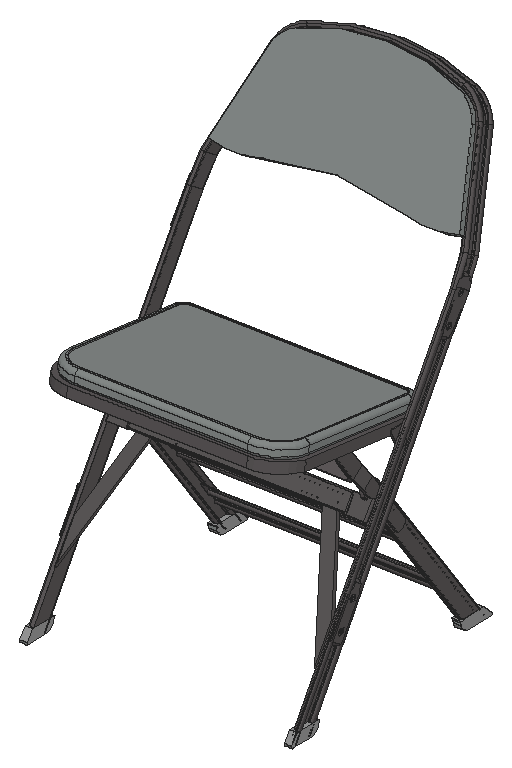
Revit family "FU_Chair_Sandler_2444USB", category Furniture, Revit 2022 (continued)
Definition of nested family "BackLegs"
  Forms (mm)
    Sweep 14, solid, material <- "Frame"
      profile "Pro_4400_backSupp : Pro_4400_backSupp" origin (0, 172.425, 77.81) x (0, 0.597272, -0.802038) y (0, -0.802038, -0.597272)
        loop
          line (3.613, -6.286) -> (14.748, -6.286)
          arc (14.748, -6.286) -> (15.253, -6.149) -> (15.622, -5.777) r 1.006
          arc (15.622, -5.777) -> (16.563, -3.385) -> (16.793, -0.825) r 9.045
          arc (16.793, -0.825) -> (13.463, 3.302) -> (8.774, 0.824) r 4.17
          line (8.774, 0.824) -> (8.115, -0.825)
          arc (8.115, -0.825) -> (7.744, -2.479) -> (7.912, -4.167) r 5.322
          arc (7.912, -4.167) -> (7.827, -4.588) -> (7.442, -4.778) r 0.487
          line (7.442, -4.778) -> (2.842, -4.778) -> (2.842, -6.286)
          arc (2.842, -6.286) -> (-0.599, -9.175) -> (-4.039, -6.286) r 3.493
          line (-4.039, -6.286) -> (-4.039, -4.778)
    Extrusion 15, solid, material <- "Frame"
      sketch origin (0, 314.365, -112.791) x (0, 0.802038, 0.597272) y (0, -0.597272, 0.802038)
        loop
          line (4.778, 254.955) -> (4.778, 221.535)
          arc (4.778, 221.535) -> (5.285, 221.764) -> (5.777, 222.024) r 9.045
          arc (5.777, 222.024) -> (6.149, 222.393) -> (6.286, 222.899) r 1.006
          line (6.286, 222.899) -> (6.286, 253.591)
          arc (6.286, 253.591) -> (6.149, 254.097) -> (5.777, 254.466) r 1.006
          arc (5.777, 254.466) -> (5.285, 254.726) -> (4.778, 254.955) r 9.045
      from 201.923 to 225.192
    Extrusion 16, solid, material <- "Frame"
      sketch origin (0, 228.759, 2.163) x (0, 0.802038, 0.597272) y (0, -0.597272, 0.802038)
        loop
          line (4.778, 111.628) -> (4.778, 78.207)
          arc (4.778, 78.207) -> (5.285, 78.437) -> (5.777, 78.697) r 9.045
          arc (5.777, 78.697) -> (6.149, 79.065) -> (6.286, 79.571) r 1.006
          line (6.286, 79.571) -> (6.286, 110.264)
          arc (6.286, 110.264) -> (6.149, 110.769) -> (5.777, 111.138) r 1.006
          arc (5.777, 111.138) -> (5.285, 111.398) -> (4.778, 111.628) r 9.045
      from -201.9 to -225.2
    Extrusion 17, void
      sketch origin (0, 228.759, 2.163) x (0, 0.802038, 0.597272) y (0, -0.597272, 0.802038)
        loop
          line (17.892, 394.282) -> (32.392, 394.282) -> (32.392, 424.282) -> (-32.608, 424.282) -> (-32.608, 394.282) -> (-18.108, 394.282)
          arc (-18.108, 394.282) -> (-0.108, 412.282) -> (17.892, 394.282) r 18
      from -214 to -231.9
  Cuts and joins
    Extrusion 1, Extrusion 5 cuts Sweep 4
    Extrusion 2, Extrusion 17 cuts Sweep 3
    Extrusion 7 cuts Extrusion 6
    Extrusion 9 cuts Extrusion 8
  Dimensions and locks
    equal spacing: plane 4 "Right", plane 3 "Center (Left/Right)", plane 5 "Left"
    "Width": plane 4 "Right" to plane 5 "Left"
    equal spacing: plane 6 "Back", plane 1 "Center (Front/Back)", plane 7 "Front"
    "Depth": plane 6 "Back" to plane 7 "Front"
    "Height": plane 8 "Height" to level
    plane 9 "Seat height" to level = 364 mm
    aligned and locked: level to plane 2
  Automatic sketch dimensions
    Extrusion 1 sketch curve to level = 0 mm
    Extrusion 1 sketch curve to level = 41.258 mm
    Extrusion 1 sketch curve to plane 6 "Back" = 96.543 mm
    Extrusion 2 sketch curve to level = 0 mm
    Extrusion 2 sketch curve to level = 41.258 mm
    Extrusion 2 sketch curve to plane 6 "Back" = 96.543 mm
    Extrusion 1 sketch curve to plane 6 "Back" = 19.909 mm
    Extrusion 2 sketch curve to plane 6 "Back" = 19.909 mm
    Sweep 3 sketch curve to plane 4 "Right" = 22.676 mm
    Sweep 3 sketch curve to Sweep 3 sketch curve = 438.421 mm
    plane 5 "Left" to Sweep 4 sketch curve = 22.676 mm
    Sweep 4 sketch curve to Sweep 4 sketch curve = 440 mm
    plane 10 to Extrusion 5 sketch curve = 32.053 mm
    Extrusion 5 sketch curve to plane 9 "Seat height" = 41.023 mm
    Extrusion 5 sketch curve to Extrusion 5 sketch curve = 14.5 mm  (x2)
    Extrusion 5 sketch curve to Extrusion 5 sketch curve = 18 mm
    Extrusion 5 sketch curve to Extrusion 5 sketch curve = 30 mm
    plane 5 "Left" to Extrusion 6 sketch curve = 28.865 mm
    Extrusion 6 sketch curve to Extrusion 6 sketch curve = 3.522 mm
    plane 5 "Left" to Extrusion 6 sketch curve = 22.682 mm
    Extrusion 6 sketch curve to Extrusion 6 sketch curve = 3.476 mm
    Extrusion 6 sketch curve to Extrusion 6 sketch curve = 135.625 mm
    Extrusion 6 sketch curve to Extrusion 6 sketch curve = 0 mm
    Extrusion 6 sketch curve to Extrusion 6 sketch curve = 30.939 mm
    Extrusion 6 sketch curve to Extrusion 6 sketch curve = 0.233 mm
    Extrusion 6 sketch curve to Extrusion 6 sketch curve = 65.896 mm
    Extrusion 7 sketch curve to plane 9 "Seat height" = 50.304 mm
    plane 10 to Extrusion 7 sketch curve = 63.615 mm
    Extrusion 7 sketch curve to Extrusion 7 sketch curve = 44.151 mm
    Extrusion 7 sketch curve to Extrusion 7 sketch curve = 7.101 mm
    Extrusion 7 sketch curve to Extrusion 7 sketch curve = 7.278 mm
    Extrusion 7 sketch curve to Extrusion 7 sketch curve = 12.5 mm
    Extrusion 7 sketch curve to Extrusion 7 sketch curve = 17.722 mm
    Extrusion 7 sketch curve to Extrusion 7 sketch curve = 7.899 mm
    Extrusion 7 sketch curve to Extrusion 7 sketch curve = 134.69 mm
    Extrusion 7 sketch curve to Extrusion 7 sketch curve = 6.298 mm
    Extrusion 7 sketch curve to Extrusion 7 sketch curve = 14.136 mm
    Extrusion 7 sketch curve to Extrusion 7 sketch curve = 57.783 mm
    Extrusion 7 sketch curve to Extrusion 7 sketch curve = 11.229 mm
    Extrusion 7 sketch curve to Extrusion 7 sketch curve = 8.624 mm
    Extrusion 8 sketch curve to plane 4 "Right" = 28.865 mm
    Extrusion 8 sketch curve to Extrusion 8 sketch curve = 3.522 mm
    Extrusion 8 sketch curve to plane 4 "Right" = 22.682 mm
    Extrusion 8 sketch curve to Extrusion 8 sketch curve = 3.476 mm
    Extrusion 8 sketch curve to Extrusion 8 sketch curve = 65.896 mm
    Extrusion 8 sketch curve to Extrusion 8 sketch curve = 0.233 mm
    Extrusion 8 sketch curve to Extrusion 8 sketch curve = 30.939 mm
    Extrusion 8 sketch curve to Extrusion 8 sketch curve = 0 mm
    Extrusion 8 sketch curve to Extrusion 8 sketch curve = 135.625 mm
    Extrusion 9 sketch curve to plane 9 "Seat height" = 50.304 mm
    plane 10 to Extrusion 9 sketch curve = 63.615 mm
    Extrusion 9 sketch curve to Extrusion 9 sketch curve = 44.151 mm
    Extrusion 9 sketch curve to Extrusion 9 sketch curve = 7.101 mm
    Extrusion 9 sketch curve to Extrusion 9 sketch curve = 7.278 mm
    Extrusion 9 sketch curve to Extrusion 9 sketch curve = 12.5 mm
    Extrusion 9 sketch curve to Extrusion 9 sketch curve = 17.722 mm
    Extrusion 9 sketch curve to Extrusion 9 sketch curve = 7.899 mm
    Extrusion 9 sketch curve to Extrusion 9 sketch curve = 134.69 mm
    Extrusion 9 sketch curve to Extrusion 9 sketch curve = 6.298 mm
    Extrusion 9 sketch curve to Extrusion 9 sketch curve = 14.136 mm
    Extrusion 9 sketch curve to Extrusion 9 sketch curve = 57.783 mm
    Extrusion 9 sketch curve to Extrusion 9 sketch curve = 11.229 mm
    Extrusion 9 sketch curve to Extrusion 9 sketch curve = 8.624 mm
    Extrusion 10 sketch curve to Extrusion 10 sketch curve = 0 mm  (x4)
    Extrusion 10 sketch curve to plane 4 "Right" = 28.865 mm
    Extrusion 10 sketch curve to Extrusion 10 sketch curve = 3.5 mm
    Extrusion 10 sketch curve to Extrusion 10 sketch curve = 10 mm  (x2)
    plane 5 "Left" to Extrusion 10 sketch curve = 42.365 mm
    Extrusion 10 sketch curve to Extrusion 10 sketch curve = 45.793 mm  (x2)
    Sweep 11 sketch curve to plane 4 "Right" = 42.5 mm
    plane 5 "Left" to Sweep 11 sketch curve = 42.5 mm
    Extrusion 12 sketch curve to plane 10 = 1.161 mm
    Extrusion 12 sketch curve to plane 1 "Center (Front/Back)" = 82.515 mm
    Extrusion 12 sketch curve to Extrusion 12 sketch curve = 0 mm
    Extrusion 12 sketch curve to Extrusion 12 sketch curve = 3.474 mm
    Extrusion 12 sketch curve to Extrusion 12 sketch curve = 0.501 mm  (x2)
    Extrusion 12 sketch curve to Extrusion 12 sketch curve = 1.006 mm
    Extrusion 12 sketch curve to Extrusion 12 sketch curve = 16.718 mm
    Extrusion 12 sketch curve to Extrusion 12 sketch curve = 6.987 mm  (x2)
    Extrusion 12 sketch curve to Extrusion 12 sketch curve = 0.49 mm  (x2)
    Extrusion 13 sketch curve to plane 10 = 1.161 mm
    Extrusion 13 sketch curve to plane 1 "Center (Front/Back)" = 82.515 mm
    Extrusion 13 sketch curve to Extrusion 13 sketch curve = 0 mm
    Extrusion 13 sketch curve to Extrusion 13 sketch curve = 3.474 mm
    Extrusion 13 sketch curve to Extrusion 13 sketch curve = 0.501 mm  (x2)
    Extrusion 13 sketch curve to Extrusion 13 sketch curve = 1.006 mm
    Extrusion 13 sketch curve to Extrusion 13 sketch curve = 16.718 mm
    Extrusion 13 sketch curve to Extrusion 13 sketch curve = 6.987 mm  (x2)
    Extrusion 13 sketch curve to Extrusion 13 sketch curve = 0.49 mm  (x2)
    Sweep 14 sketch curve to plane 4 "Right" = 42.5 mm
    plane 5 "Left" to Sweep 14 sketch curve = 42.5 mm
    Extrusion 15 sketch curve to plane 10 = 0.598 mm
    level to Extrusion 15 sketch curve = 85.773 mm
    Extrusion 15 sketch curve to Extrusion 15 sketch curve = 0 mm
    Extrusion 15 sketch curve to Extrusion 15 sketch curve = 3.474 mm
    Extrusion 15 sketch curve to Extrusion 15 sketch curve = 0.501 mm  (x2)
    Extrusion 15 sketch curve to Extrusion 15 sketch curve = 1.006 mm
    Extrusion 15 sketch curve to Extrusion 15 sketch curve = 16.718 mm
    Extrusion 15 sketch curve to Extrusion 15 sketch curve = 6.987 mm  (x2)
    Extrusion 15 sketch curve to Extrusion 15 sketch curve = 0.49 mm  (x2)
    Extrusion 16 sketch curve to plane 10 = 0.598 mm
    level to Extrusion 16 sketch curve = 85.773 mm
    Extrusion 16 sketch curve to Extrusion 16 sketch curve = 0 mm
    Extrusion 16 sketch curve to Extrusion 16 sketch curve = 3.474 mm
    Extrusion 16 sketch curve to Extrusion 16 sketch curve = 0.501 mm  (x2)
    Extrusion 16 sketch curve to Extrusion 16 sketch curve = 1.006 mm
    Extrusion 16 sketch curve to Extrusion 16 sketch curve = 16.718 mm
    Extrusion 16 sketch curve to Extrusion 16 sketch curve = 6.987 mm  (x2)
    Extrusion 16 sketch curve to Extrusion 16 sketch curve = 0.49 mm  (x2)
    plane 10 to Extrusion 17 sketch curve = 32.053 mm
    Extrusion 17 sketch curve to plane 9 "Seat height" = 41.023 mm
    Extrusion 17 sketch curve to Extrusion 17 sketch curve = 14.5 mm  (x2)
    Extrusion 17 sketch curve to Extrusion 17 sketch curve = 18 mm
    Extrusion 17 sketch curve to Extrusion 17 sketch curve = 30 mm
Definition of nested family "Seat"
  Parameters (values of type "Seat")
    Width = 500 mm
    Upholstery [instance] = none
    Height = 860 mm
    Frame [instance] = none
    Depth = 580 mm
    Default Elevation = 0 mm
  Reference planes
    plane 1 "Center (Front/Back)": y = 0
    plane 2: z = 0
    plane 3 "Center (Left/Right)": x = 0
    plane 4 "Right": x = -250
    plane 5 "Left": x = 250
    plane 6 "Back": y = 290
    plane 7 "Front": y = -290
    plane 8 "Height": z = 860
    plane 9 "Seat height": z = 490
    plane 10 "LFC 2 FRONT": x = 235.662
    plane 11 "LFC 1 FRONT": x = 230.744
    plane 12 "LB": y = -20.622
    plane 13 "RFC 2 FRONT": x = -230.139
    plane 14 "RFC 1 FRONT": x = -223.286
  Forms (mm)
    Extrusion 1, solid, material <- "Frame"
      sketch origin (230.744, -10.949, 12.012) x (0, 0, -1) y (0, -1, 0)
        loop
          line (-373.954, 25.051) -> (-373.954, -5.005)
          arc (-373.954, -5.005) -> (-372.054, -8.409) -> (-368.16, -8.58) r 4
          line (-368.16, -8.58) -> (-342.125, 4.478)
          arc (-342.125, 4.478) -> (-338.815, 9.808) -> (-342.066, 15.174) r 6
          line (-342.066, 15.174) -> (-368.121, 28.606)
          arc (-368.121, 28.606) -> (-372.035, 28.466) -> (-373.954, 25.051) r 4
      from 0 to -3.5
    Revolve 2, solid, material <- "Frame"
      sketch origin (0, -20.622, 12.02) x (0, 0, -1) y (1, 0, 0)
        loop
          line (-352.166, 227.843) -> (-348.693, 227.843) -> (-348.693, 240.855) -> (-354.537, 240.855) -> (-354.537, 238.723) -> (-352.166, 238.723) -> (-352.166, 227.843)
        axis (-348.693, 227.843) -> (-348.693, 240.855)
      angle from 0 to 360
    Extrusion 3, solid, material <- "Frame"
      sketch origin (-230.744, -10.949, 12.012) x (0, 0, -1) y (0, 1, 0)
        loop
          arc (-373.954, -25.051) -> (-372.035, -28.466) -> (-368.121, -28.606) r 4
          line (-368.121, -28.606) -> (-342.066, -15.174)
          arc (-342.066, -15.174) -> (-338.815, -9.808) -> (-342.125, -4.478) r 6
          line (-342.125, -4.478) -> (-368.16, 8.58)
          arc (-368.16, 8.58) -> (-372.054, 8.409) -> (-373.954, 5.005) r 4
          line (-373.954, 5.005) -> (-373.954, -25.051)
      from 7.458 to 4
    Revolve 4, solid, material <- "Frame"
      sketch origin (6.276, -20.622, 12.02) x (0, 0, -1) y (-1, 0, 0)
        loop
          line (-352.166, 227.843) -> (-348.693, 227.843) -> (-348.693, 240.855) -> (-354.537, 240.855) -> (-354.537, 238.723) -> (-352.166, 238.723) -> (-352.166, 227.843)
        axis (-348.693, 227.843) -> (-348.693, 240.855)
      angle from 0 to 360
    Extrusion 5, solid, material <- "Frame"
      sketch origin (1.39, 0.451, 370.847) x (0, -0.990975, 0.134049) y (1, 0, 0)
        loop
          arc (-50, -186.318) -> (-38.87, -213.188) -> (-12, -224.318) r 38
          line (-12, -224.318) -> (235, -224.318)
          arc (235, -224.318) -> (274.332, -202.907) -> (290, -160.954) r 64
          line (290, -160.954) -> (290, 166.274)
          arc (290, 166.274) -> (274.928, 207.53) -> (236.81, 229.354) r 64
          line (236.81, 229.354) -> (-12, 229.354)
          arc (-12, 229.354) -> (-38.87, 218.224) -> (-50, 191.354) r 38
          line (-50, 191.354) -> (-50, -186.318)
        loop
          arc (-41, -185.768) -> (-32.213, -206.981) -> (-11, -215.768) r 30
          line (-11, -215.768) -> (222.643, -215.768)
          arc (222.643, -215.768) -> (263.655, -198.78) -> (280.643, -157.768) r 58
          line (280.643, -157.768) -> (280.643, 161.892)
          arc (280.643, 161.892) -> (263.655, 202.904) -> (222.643, 219.892) r 58
          line (222.643, 219.892) -> (-11, 219.892)
          arc (-11, 219.892) -> (-32.213, 211.105) -> (-41, 189.892) r 30
          line (-41, 189.892) -> (-41, -185.768)
      from 0 to 18.801
    Extrusion 6, solid, material <- "Upholstery"
      sketch origin (-1.332, 17.322, 495.567) x (-1, 0, 0) y (0, -0.990975, 0.134049)
        loop
          arc (188.386, -29.357) -> (198.286, -25.256) -> (202.386, -15.357) r 14
          line (202.386, -15.357) -> (202.386, 220.643)
          arc (202.386, 220.643) -> (187.742, 255.998) -> (152.386, 270.643) r 50
          line (152.386, 270.643) -> (-162.614, 270.643)
          arc (-162.614, 270.643) -> (-197.969, 255.998) -> (-212.614, 220.643) r 50
          line (-212.614, 220.643) -> (-212.614, -15.357)
          arc (-212.614, -15.357) -> (-208.513, -25.256) -> (-198.614, -29.357) r 14
          line (-198.614, -29.357) -> (188.386, -29.357)
      from -108 to -84
    Sweep 7, solid, material <- "Upholstery"
      path in 3D
        loop
          arc (161.282, -262.138, 448.604) -> (196.637, -247.626, 446.641) -> (211.282, -212.59, 441.902) r 50
          line (211.282, -212.59, 441.902) -> (211.282, 21.28, 410.266)
          arc (211.282, 21.28, 410.266) -> (207.181, 31.09, 408.939) -> (197.282, 35.154, 408.389) r 14
          line (197.282, 35.154, 408.389) -> (-189.718, 35.154, 408.389)
          arc (-189.718, 35.154, 408.389) -> (-199.618, 31.09, 408.939) -> (-203.718, 21.28, 410.266) r 14
          line (-203.718, 21.28, 410.266) -> (-203.718, -212.59, 441.902)
          arc (-203.718, -212.59, 441.902) -> (-189.074, -247.626, 446.641) -> (-153.718, -262.138, 448.604) r 50
          line (-153.718, -262.138, 448.604) -> (161.282, -262.138, 448.604)
      profile origin (3.782, -262.138, 448.604) x (0, 0.990975, -0.134049) y (0, 0.134049, 0.990975)
        loop
          line (0, 0) -> (-3.011, 0)
          arc (-3.011, 0) -> (-9.367, -2.633) -> (-12, -8.989) r 8.989
          line (-12, -8.989) -> (-12, -20)
          arc (-12, -20) -> (-10.828, -22.828) -> (-8, -24) r 4
          line (-8, -24) -> (0, -24) -> (0, 0)
    Extrusion 8, solid, material <- "Frame"
      sketch origin (235.662, -23.548, 12.142) x (0, -0.034899, -0.999391) y (0, -0.999391, 0.034899)
        loop
          arc (-357.728, 14.188) -> (-360.96, 2.564) -> (-349.337, -0.667) r 8.531
          line (-349.337, -0.667) -> (-276.903, 40.251)
          arc (-276.903, 40.251) -> (-273.671, 51.875) -> (-285.295, 55.106) r 8.531
          line (-285.295, 55.106) -> (-357.728, 14.188)
      from 0 to -3.5
    Extrusion 9, solid, material <- "Frame"
      sketch origin (-235.662, -23.548, 12.142) x (0, -0.034899, -0.999391) y (0, 0.999391, -0.034899)
        loop
          line (-357.728, -14.188) -> (-285.295, -55.106)
          arc (-285.295, -55.106) -> (-273.671, -51.875) -> (-276.903, -40.251) r 8.531
          line (-276.903, -40.251) -> (-349.337, 0.667)
          arc (-349.337, 0.667) -> (-360.96, -2.564) -> (-357.728, -14.188) r 8.531
      from 5.523 to 2
  Lines and regions (mm)
    sketch lines
      curve 1: line (-153.718, -262.138, 448.604) -> (161.282, -262.138, 448.604)
      curve 2: arc (211.282, -212.59, 441.902) -> (196.637, -247.626, 446.641) -> (161.282, -262.138, 448.604) r 50
      curve 3: line (211.282, -212.59, 441.902) -> (211.282, 21.28, 410.266)
      curve 4: arc (197.282, 35.154, 408.389) -> (207.181, 31.09, 408.939) -> (211.282, 21.28, 410.266) r 14
      curve 5: line (197.282, 35.154, 408.389) -> (-189.718, 35.154, 408.389)
      curve 6: arc (-203.718, 21.28, 410.266) -> (-199.618, 31.09, 408.939) -> (-189.718, 35.154, 408.389) r 14
      curve 7: line (-203.718, 21.28, 410.266) -> (-203.718, -212.59, 441.902)
      curve 8: arc (-153.718, -262.138, 448.604) -> (-189.074, -247.626, 446.641) -> (-203.718, -212.59, 441.902) r 50
  Dimensions and locks
    equal spacing: plane 4 "Right", plane 3 "Center (Left/Right)", plane 5 "Left"
    "Width": plane 4 "Right" to plane 5 "Left"
    equal spacing: plane 6 "Back", plane 1 "Center (Front/Back)", plane 7 "Front"
    "Depth": plane 6 "Back" to plane 7 "Front"
    "Height": plane 8 "Height" to level
    plane 9 "Seat height" to level = 490 mm
    aligned and locked: level to plane 2
  Automatic sketch dimensions
    Extrusion 1 sketch curve to Extrusion 1 sketch curve = 4 mm  (x2)
    Extrusion 1 sketch curve to Extrusion 1 sketch curve = 1.793 mm
    plane 12 "LB" to Extrusion 1 sketch curve = 0.168 mm
    plane 1 "Center (Front/Back)" to Extrusion 1 sketch curve = 15.427 mm
    Extrusion 1 sketch curve to Extrusion 1 sketch curve = 2.69 mm
    plane 12 "LB" to Extrusion 1 sketch curve = 5.501 mm
    plane 1 "Center (Front/Back)" to Extrusion 1 sketch curve = 5.945 mm
    plane 12 "LB" to Extrusion 1 sketch curve = 15.378 mm
    Revolve 2 sketch curve to Revolve 2 sketch curve = 2.371 mm
    Revolve 2 sketch curve to Revolve 2 sketch curve = 3.473 mm
    plane 11 "LFC 1 FRONT" to Revolve 2 sketch curve = 2.901 mm
    Revolve 2 sketch curve to plane 10 "LFC 2 FRONT" = 3.06 mm
    Revolve 2 sketch curve to Revolve 2 sketch curve = 2.132 mm
    Revolve 2 sketch curve to Revolve 2 sketch curve = 0 mm  (x2)
    Revolve 2 sketch curve to Revolve 2 sketch curve = 1.988 mm
    Extrusion 3 sketch curve to Extrusion 3 sketch curve = 4 mm  (x2)
    Extrusion 3 sketch curve to Extrusion 3 sketch curve = 1.793 mm
    plane 12 "LB" to Extrusion 3 sketch curve = 0.168 mm
    plane 1 "Center (Front/Back)" to Extrusion 3 sketch curve = 15.427 mm
    Extrusion 3 sketch curve to Extrusion 3 sketch curve = 2.69 mm
    plane 12 "LB" to Extrusion 3 sketch curve = 5.501 mm
    plane 12 "LB" to Extrusion 3 sketch curve = 15.378 mm
    plane 1 "Center (Front/Back)" to Extrusion 3 sketch curve = 5.945 mm
    Revolve 4 sketch curve to Revolve 4 sketch curve = 2.371 mm
    Revolve 4 sketch curve to Revolve 4 sketch curve = 3.473 mm
    Revolve 4 sketch curve to plane 13 "RFC 2 FRONT" = 8.573 mm
    plane 13 "RFC 2 FRONT" to Revolve 4 sketch curve = 2.307 mm
    Revolve 4 sketch curve to Revolve 4 sketch curve = 2.132 mm
    Revolve 4 sketch curve to Revolve 4 sketch curve = 0 mm  (x2)
    Revolve 4 sketch curve to Revolve 4 sketch curve = 1.988 mm
    Extrusion 1 sketch curve to plane 9 "Seat height" = 104.035 mm
    plane 12 "LB" to Extrusion 1 sketch curve = 18.933 mm
    Extrusion 1 sketch curve to Extrusion 1 sketch curve = 25.139 mm
    Revolve 2 sketch curve to plane 9 "Seat height" = 123.443 mm
    Extrusion 3 sketch curve to plane 9 "Seat height" = 104.035 mm
    plane 12 "LB" to Extrusion 3 sketch curve = 18.933 mm
    Extrusion 3 sketch curve to Extrusion 3 sketch curve = 25.139 mm
    plane 9 "Seat height" to Revolve 4 sketch curve = 123.443 mm
    Extrusion 5 sketch curve to plane 11 "LFC 1 FRONT" = 0 mm
    plane 11 "LFC 1 FRONT" to Extrusion 5 sketch curve = 38 mm
    Extrusion 5 sketch curve to Extrusion 5 sketch curve = 9 mm
    plane 14 "RFC 1 FRONT" to Extrusion 5 sketch curve = 0.357 mm
    Extrusion 5 sketch curve to Extrusion 5 sketch curve = 29 mm
    Extrusion 5 sketch curve to Extrusion 5 sketch curve = 1 mm  (x2)
    plane 11 "LFC 1 FRONT" to Extrusion 5 sketch curve = 9.462 mm
    Extrusion 5 sketch curve to Extrusion 5 sketch curve = 233.643 mm  (x2)
    plane 14 "RFC 1 FRONT" to Extrusion 5 sketch curve = 8.907 mm
    Extrusion 5 sketch curve to Extrusion 5 sketch curve = 3.357 mm  (x2)
    Extrusion 5 sketch curve to Extrusion 5 sketch curve = 12.357 mm
    Extrusion 5 sketch curve to Extrusion 5 sketch curve = 14.167 mm
    Extrusion 5 sketch curve to Extrusion 5 sketch curve = 54.643 mm
    Extrusion 5 sketch curve to Extrusion 5 sketch curve = 9.357 mm
    plane 11 "LFC 1 FRONT" to Extrusion 6 sketch curve = 19.462 mm
    Extrusion 6 sketch curve to Extrusion 6 sketch curve = 14 mm  (x2)
    plane 11 "LFC 1 FRONT" to Extrusion 6 sketch curve = 69.462 mm
    plane 14 "RFC 1 FRONT" to Extrusion 6 sketch curve = 69.567 mm
    plane 14 "RFC 1 FRONT" to Extrusion 6 sketch curve = 33.567 mm
    Extrusion 6 sketch curve to Extrusion 6 sketch curve = 236 mm
    Sweep 7 sketch curve to profile plane = 0 mm  (x2)
    Sweep 7 sketch curve to Sweep 7 sketch curve = 3.011 mm
    profile plane to Sweep 7 sketch curve = 8 mm
    Sweep 7 sketch curve to Sweep 7 sketch curve = 4 mm
    Sweep 7 sketch curve to Sweep 7 sketch curve = 11.011 mm
    plane 12 "LB" to Extrusion 8 sketch curve = 4.621 mm
    Extrusion 8 sketch curve to plane 9 "Seat height" = 119.852 mm
    Extrusion 8 sketch curve to Extrusion 8 sketch curve = 4.196 mm  (x4)
    Extrusion 8 sketch curve to Extrusion 8 sketch curve = 72.433 mm
    Extrusion 8 sketch curve to Extrusion 8 sketch curve = 7.428 mm  (x2)
    Extrusion 8 sketch curve to Extrusion 8 sketch curve = 40.919 mm
    plane 12 "LB" to Extrusion 9 sketch curve = 4.621 mm
    Extrusion 9 sketch curve to plane 9 "Seat height" = 119.852 mm
    Extrusion 9 sketch curve to Extrusion 9 sketch curve = 4.196 mm  (x4)
    Extrusion 9 sketch curve to Extrusion 9 sketch curve = 72.433 mm
    Extrusion 9 sketch curve to Extrusion 9 sketch curve = 26.063 mm
    Extrusion 9 sketch curve to Extrusion 9 sketch curve = 7.428 mm  (x2)
